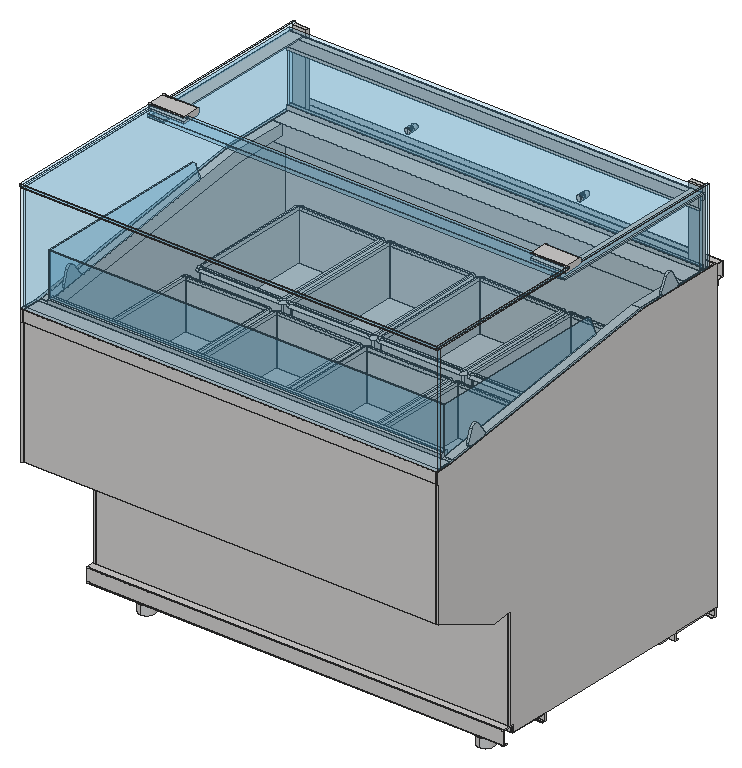
Revit family "Food-Service-Equipment_Oscartek_Rosa_Pg_cat", category Specialty Equipment, Revit 2026
Family settings
  Round Connector Dimension = Use Diameter
  Part Type = Normal
  Classification Number = 23.40.40.11
  Work Plane-Based = No
  Enable Cutting in Views = No
  Always vertical = Yes
  Cut with Voids When Loaded = No
  Maintain Annotation Orientation = No
  Shared = No
  Room Calculation Point = No
Parameters (values of type "ROSA PREMIUM GELATO SHOWCASES")
  Upper Spacing [instance] = if(Show 5 Liter Pans, 1/16", if(Show 8.5 Liter Pans, 1/16", 1/16"))  # 1/16"
  Upper Displacement [instance] = (Length - (Pan Upper Length * (Number of Pan on Top - 1)) - (Upper Spacing * (Number of Pan on Top - 1))) / 2  # 7 29/32"
  URL = "www.oscartek.com"
  Type Comments = "As Specified"
  Test Data = "http://www.oscartek.com/company/clients.php"
  Specification = "https://www.arcat.com/arcatcos/cos48/arc48760.html"
  Show 8.5 Liter Pans [instance] = no
  Show 5 Liter Pans [instance] = no
  Sales Information = "http://www.oscartek.com/company/contact.php"
  Revision = "R1_2018-10"
  Product Data = "http://www.oscartek.com/support/manuals/"
  Pan Upper Length [instance] = if(Show 5 Liter Pans, 6 1/2", if(Show 8.5 Liter Pans, 9 3/4", 9 3/4"))  # 9 3/4"
  Pan Upper Depth [instance] = if(Show 5 Liter Pans, 14", if(Show 8.5 Liter Pans, 14 1/8", 14 1/8"))  # 14 1/8"
  Pan Below Length [instance] = if(Show 5 Liter Pans, 6 1/2", if(Show 8.5 Liter Pans, 9 3/4", 9 3/4"))  # 9 3/4"
  Pan Below Depth [instance] = if(Show 5 Liter Pans, 14", if(Show 8.5 Liter Pans, 14 1/8", 14 1/8"))  # 14 1/8"
  Number of Pan on Top [instance] = Length / Pan Upper Length - 1  # 4
  Number of Pan Below [instance] = Length / Pan Below Length - 1  # 4
  Middle Support [instance] = Length = 84 5/8"  # no
  Manufacturer Website = "http://www.oscartek.com/index.php"
  Manufacturer Phone - Toll Free = "855-885-2400"
  Manufacturer Phone = "650-342-2400"
  Manufacturer Fax = "650-342-7400"
  Manufacturer Address = "361 Beach Rd., Burlingame, CA 94010"
  Length = 45 1/4"
  Weight in Pounds = 0
  Watts = FL Amps * Volts  # 0 W
  Volts = 208 V
  URL Cutsheet = "www.oscartek.com"
  Type Mark [instance] = ""
  Status [instance] = ""
  Specification by User [instance] = ""
  Specification by Manufacturer = ""
  Show Clearance [instance] = yes
  Serial Number = ""
  Seismic Rating = ""
  SMACNA No = ""
  Revision Code [instance] = ""
  Plumbing Remarks = ""
  Plumbing Connection Type = ""
  Phase = 1
  Omniclass Number and Title = ""
  Number of Poles [instance] = 1
  NAFEM Spec ID Number = ""
  Model = "ROSA PG1150"
  Min Ckt Ampacity = 0 A
  Max Overcurrent Protection = 0 A
  Material [instance] = QF_Metal-Stainless-Polished
  Masterspec = ""
  Manufacturer = "OSCARTEK"
  Item Number [instance] = ""
  Installed By [instance] = ""
  Installation-Fabrication = "http://www.oscartek.com/support/manuals/"
  Indirect Waste Size = 1"
  Indirect Waste Flow = 0 GPM
  Indirect Waste Connection Type = ""
  Indirect Waste Connection Height = 0"
  Identify Quantity as Lot [instance] = yes
  Hinged 3 [instance] = Length = 84 5/8"  # no
  Hinged 2 [instance] = Length = 64 15/16"  # no
  Hinged 1 [instance] = Length = 45 1/4"  # yes
  Height = 45 1/4"
  HP = ""
  Green Building-LEED = "https://www.arcat.com/green/green_building.shtml"
  Furnished By [instance] = ""
  Foodservice Equipment Identifier [instance] = yes
  FL Amps = 0 A
  Electrical Remarks [instance] = ""
  Electric Connection Type [instance] = ""
  Elec Conn RI Height [instance] = 0"
  Elec Conn Connection Height [instance] = 0"
  Drawn By = "Sumex Design, Inc. / Robert S. Weygant, CSI, CDT, SCIP"
  Description = "ROSA PREMIUM GELATO SHOWCASES"
  Depth = 38 11/16"
  Default Elevation = 0"
  Cycle = 60 Hz
  Copyright = "©Arcat Inc."
  Construction Details = "http://www.oscartek.com/support/manuals/"
  Conn Plug = ""
  Conn Conduit = yes
  Category = ""
  CSI MasterFormat = "11 41 33"
  CSI Master Format = "Foodservice Shelving"
  Building Codes = "https://www.arcat.com/arcatcos/cos48/arc48760.html"
  Below Spacing [instance] = if(Show 5 Liter Pans, 1/16", if(Show 8.5 Liter Pans, 1/16", 1/16"))  # 1/16"
  Below Displacement [instance] = (Length - (Pan Below Length * (Number of Pan Below - 1)) - (Below Spacing * (Number of Pan Below - 1))) / 2  # 7 29/32"
  Apparent Power = if(Phase = 3, Volts * FL Amps * 1.73, Volts * FL Amps)  # 0 VA
Reference planes (in)
  plane 1 "BACK": y = 0
  plane 2: z = 0
  plane 3 "LEFT": x = 0
  plane 4 "RIGHT": x = 45.25
  plane 5 "FRONT": y = -38.6875
  plane 6 "TOP": z = 45.25
  plane 7 "Center Y": x = 22.625
  plane 8 "Center X": y = -19.34375
  plane 9: x = 4.25
  plane 10: x = 41
  plane 11: x = 0.25
  plane 12: x = 45
  plane 13: x = 44.12589
  plane 14: z = 36.625
  plane 15: x = -36.05628
  plane 16: x = -36.05628
  plane 17: x = 10.78925
  plane 18: x = 34.46075
Forms (in)
  Extrusion 1, solid, material "QF_Metal-Stainless-Polished"
    sketch origin (39.25, -3.63813, 0) x (0, -1, 0) y (0, 0, 1)
      loop
        line (25.67702, 2.47374) -> (26.01139, 2.47374)
        arc (26.01139, 2.47374) -> (26.05701, 2.49263) -> (26.07591, 2.53825) r 0.06451
        line (26.07591, 2.53825) -> (26.07591, 3.94044)
        arc (26.07591, 3.94044) -> (26.05702, 3.98602) -> (26.01144, 4.00491) r 0.06446
        line (26.01144, 4.00491) -> (24.80072, 4.00491) -> (24.80072, 3.26107) -> (20.4294, 3.26107) -> (20.4294, 2.47374) -> (20.82709, 2.47374) -> (20.82709, 2.53297) -> (20.48744, 2.53297) -> (20.48744, 3.20183) -> (24.85995, 3.20183) -> (24.85995, 3.94567) -> (26.01667, 3.94567) -> (26.01667, 2.53297) -> (25.67702, 2.53297) -> (25.67702, 2.47374)
      loop
        line (-2.27521, 2.47374) -> (-2.27521, 2.53297) -> (-2.61486, 2.53297) -> (-2.61486, 3.20163) -> (2.77679, 3.20163) -> (2.77679, 2.53297) -> (2.43734, 2.53297) -> (2.43734, 2.47374) -> (2.83602, 2.47374) -> (2.83602, 3.26087) -> (-2.67409, 3.26087) -> (-2.67409, 2.53764)
        arc (-2.67409, 2.53764) -> (-2.65538, 2.49245) -> (-2.61019, 2.47374) r 0.06391
        line (-2.61019, 2.47374) -> (-2.27521, 2.47374)
    from -6 to 39.25
  Revolve 2, solid, material "QF_Metal-Stainless-Polished"
    sketch origin (4.25, -3.63813, -3.90782) x (0, 0, -1) y (0, 1, 0)
      loop
        line (-3.90782, -23.18044) -> (-7.10965, -23.18044) -> (-7.10965, -24.2889) -> (-5.02788, -24.2889) -> (-5.02788, -24.04921) -> (-3.90782, -24.04921) -> (-3.90782, -23.18044)
      axis (-7.10965, -23.18044) -> (-3.90782, -23.18044)
    angle from 0 to 360
  Revolve 3, solid, material "QF_Metal-Stainless-Polished"
    sketch origin (4.25, 0.0294, -3.90782) x (0, 0, -1) y (0, 1, 0)
      loop
        line (-3.90782, -3.75152) -> (-7.10945, -3.75152) -> (-7.10945, -4.85998) -> (-5.02788, -4.85998) -> (-5.02788, -4.62029) -> (-3.90782, -4.62029) -> (-3.90782, -3.75152)
      axis (-7.10945, -3.75152) -> (-3.90782, -3.75152)
    angle from 0 to 360
  Extrusion 4, solid, material "QF_Metal-Stainless-Polished"
    sketch origin (0, 0, 0) x (0, 1, 0) y (0, 0, 1)
      loop
        line (-28.78933, 4.01258) -> (-28.41937, 4.01258) -> (-28.41937, 3.26107) -> (-0.84617, 3.26107) -> (-0.84617, 19.15659) -> (-0.78713, 19.16489) -> (-0.78713, 36.64096) -> (-4.84864, 36.64096) -> (-4.84864, 34.55506) -> (-3.14852, 34.55506) -> (-3.14852, 21.21761) -> (-30.63217, 17.35504) -> (-36.6016, 19.88891) -> (-36.6016, 31.79489) -> (-36.47638, 31.79489) -> (-35.83392, 31.89114) -> (-35.83392, 32.6052) -> (-36.26684, 32.6052) -> (-36.26684, 33.05649) -> (-36.56244, 33.01495) -> (-38.64027, 33.01495) -> (-38.64027, 31.79489) -> (-38.56923, 31.79489) -> (-38.56923, 18.16074) -> (-30.9486, 14.92597) -> (-28.78933, 15.22943) -> (-28.78933, 4.01258)
    from 0.25 to 45
  Extrusion 5, solid, material "QF_Metal-Stainless-Polished"
    sketch origin (0, 0, 0) x (0, 1, 0) y (0, 0, 1)
      loop
        line (-28.78933, 4.01258) -> (-28.41937, 4.01258) -> (-28.41937, 3.26107) -> (-0.84617, 3.26107) -> (-0.84617, 19.15659) -> (-0.78713, 19.16489) -> (-0.78713, 36.64096) -> (-10.76146, 36.64096) -> (-36.56244, 33.01495) -> (-38.64027, 33.01495) -> (-38.64027, 31.79489) -> (-38.56923, 31.79489) -> (-38.56923, 18.16074) -> (-30.9486, 14.92597) -> (-28.78933, 15.22943) -> (-28.78933, 4.01258)
    from 0 to 0.25
  Extrusion 6, solid, material "QF_Metal-Stainless-Polished"
    sketch origin (45.25, 0, 0) x (0, -1, 0) y (0, 0, 1)
      loop
        line (28.78933, 4.01258) -> (28.78933, 15.22943) -> (30.9486, 14.92597) -> (38.56923, 18.16074) -> (38.56923, 31.79489) -> (38.64027, 31.79489) -> (38.64027, 33.01495) -> (36.56244, 33.01495) -> (10.76146, 36.64096) -> (0.78713, 36.64096) -> (0.78713, 19.16489) -> (0.84617, 19.15659) -> (0.84617, 3.26107) -> (28.41937, 3.26107) -> (28.41937, 4.01258) -> (28.78933, 4.01258)
    from 0 to 0.25
  Revolve 7, solid, material "QF_Metal-Stainless-Polished"
    sketch origin (41, -3.63813, -3.90782) x (0, 0, -1) y (0, 1, 0)
      loop
        line (-3.90782, -23.18044) -> (-7.10965, -23.18044) -> (-7.10965, -24.2889) -> (-5.02788, -24.2889) -> (-5.02788, -24.04921) -> (-3.90782, -24.04921) -> (-3.90782, -23.18044)
      axis (-7.10965, -23.18044) -> (-3.90782, -23.18044)
    angle from 0 to 360
  Revolve 8, solid, material "QF_Metal-Stainless-Polished"
    sketch origin (41, 0.0294, -3.90782) x (0, 0, -1) y (0, 1, 0)
      loop
        line (-3.90782, -3.75152) -> (-7.10945, -3.75152) -> (-7.10945, -4.85998) -> (-5.02788, -4.85998) -> (-5.02788, -4.62029) -> (-3.90782, -4.62029) -> (-3.90782, -3.75152)
      axis (-7.10945, -3.75152) -> (-3.90782, -3.75152)
    angle from 0 to 360
  Extrusion 9, solid, material "QF_Metal-Stainless-Polished"
    sketch origin (0, 0, 0) x (1, 0, 0) y (0, 1, 0)
      loop
        line (0.39348, -1.88939) -> (0.39348, -2.28295) -> (1.84935, -2.28295) -> (1.84935, -1.88939) -> (0.39348, -1.88939)
      loop
        line (43.40065, -2.28295) -> (44.85652, -2.28295) -> (44.85652, -1.88939) -> (43.40065, -1.88939) -> (43.40065, -2.28295)
    from 36.64096 to 44.77769
  Extrusion 10, solid, material "QF_Metal-Stainless-Polished"
    sketch origin (0, 0, 0) x (0, 1, 0) y (0, 0, 1)
      loop
        line (-0.67693, 34.7822) -> (-0.67693, 35.0667) -> (-0.03936, 35.0667)
        arc (-0.03936, 35.0667) -> (-0.01153, 35.07822) -> (0, 35.10605) r 0.03936
        line (0, 35.10605) -> (0, 36.6016)
        arc (0, 36.6016) -> (-0.01153, 36.62943) -> (-0.03936, 36.64096) r 0.03936
        line (-0.03936, 36.64096) -> (-0.78713, 36.64096) -> (-0.78713, 36.60947) -> (-0.03149, 36.60947) -> (-0.03149, 35.09818) -> (-0.66906, 35.09818)
        arc (-0.66906, 35.09818) -> (-0.69689, 35.08666) -> (-0.70842, 35.05883) r 0.03936
        line (-0.70842, 35.05883) -> (-0.70842, 34.78358) -> (-0.73244, 34.50898) -> (-0.70108, 34.50624) -> (-0.67693, 34.7822)
    from 0 to 45.25
  Extrusion 11, solid, material "Glass"
    sketch origin (0, 0, 0) x (0, 1, 0) y (0, 0, 1)
      loop
        line (-38.6875, 33.01495) -> (-38.29393, 33.01495) -> (-38.29393, 44.83869) -> (-38.6875, 44.83869) -> (-38.6875, 33.01495)
    from 0 to 45.25
  Revolve 12, solid, material "QF_Metal-Stainless-Polished"
    sketch origin (44.12589, 0, 0) x (0, -1, 0) y (0, 0, 1)
      loop
        line (1.88939, 43.78852) -> (1.88939, 44.10338) -> (1.791, 44.10338) -> (1.75164, 44.06402) -> (1.75164, 43.78852) -> (1.88939, 43.78852)
      axis (1.88939, 43.78852) -> (1.75164, 43.78852)
    angle from 0 to 360
  Revolve 13, solid, material "QF_Metal-Stainless-Polished"
    sketch origin (1.12411, 0, 0) x (0, -1, 0) y (0, 0, -1)
      loop
        line (1.88939, -43.78852) -> (1.75164, -43.78852) -> (1.75164, -44.06402) -> (1.791, -44.10338) -> (1.88939, -44.10338) -> (1.88939, -43.78852)
      axis (1.88939, -43.78852) -> (1.75164, -43.78852)
    angle from 0 to 360
  Extrusion 14, solid, material "Glass"
    sketch origin (0, 0, 0) x (0, 1, 0) y (0, 0, 1)
      loop
        line (-1.70371, 36.64096) -> (-1.70371, 44.83869) -> (-38.29393, 44.83869) -> (-38.29393, 33.01495) -> (-36.56244, 33.01495) -> (-10.76146, 36.64096) -> (-1.70371, 36.64096)
    from 0 to 0.25
  Extrusion 15, solid, material "Glass"
    sketch origin (45.25, 0, 0) x (0, 1, 0) y (0, 0, -1)
      loop
        line (-1.70371, -36.64096) -> (-10.76146, -36.64096) -> (-36.56244, -33.01495) -> (-38.29393, -33.01495) -> (-38.29393, -44.83869) -> (-1.70371, -44.83869) -> (-1.70371, -36.64096)
    from 0 to 0.25
  Extrusion 16, solid, material "QF_Metal-Stainless-Polished"
    sketch origin (45.25, 0, 0) x (0, -1, 0) y (0, 0, 1)
      loop
        line (21.27222, 44.72859) -> (21.27222, 44.92538) -> (20.68187, 44.92538) -> (20.68187, 45.25991) -> (21.27222, 45.25991) -> (21.27222, 45.31894)
        arc (21.27222, 45.31894) -> (21.24916, 45.3746) -> (21.1935, 45.39766) r 0.07872
        line (21.1935, 45.39766) -> (19.36343, 45.39766)
        arc (19.36343, 45.39766) -> (19.30777, 45.37461) -> (19.28471, 45.31895) r 0.07871
        line (19.28471, 45.31895) -> (19.28471, 44.92538) -> (19.48151, 44.72859) -> (21.27222, 44.72859)
    from 0 to 3.8125
  Extrusion 17, solid, material "QF_Metal-Stainless-Polished"
    sketch origin (0, 0, 0) x (0, 1, 0) y (0, 0, 1)
      loop
        line (-21.27222, 44.72859) -> (-19.48151, 44.72859) -> (-19.28471, 44.92538) -> (-19.28471, 45.31895)
        arc (-19.28471, 45.31895) -> (-19.30777, 45.37461) -> (-19.36343, 45.39766) r 0.07871
        line (-19.36343, 45.39766) -> (-21.1935, 45.39766)
        arc (-21.1935, 45.39766) -> (-21.24916, 45.3746) -> (-21.27222, 45.31894) r 0.07872
        line (-21.27222, 45.31894) -> (-21.27222, 45.25991) -> (-20.68187, 45.25991) -> (-20.68187, 44.92538) -> (-21.27222, 44.92538) -> (-21.27222, 44.72859)
    from 0 to 3.8125
  Extrusion 18, solid, material "Glass"
    sketch origin (0, 0, 0) x (0, 1, 0) y (0, 0, 1)
      loop
        line (-20.72123, 45.25991) -> (-38.76621, 45.25991) -> (-38.76621, 44.94505) -> (-20.72123, 44.94505) -> (-20.72123, 45.25991)
    from 0 to 45.25
  Extrusion 19, solid, material "Glass"
    sketch origin (0, 0, 0) x (0, 1, 0) y (0, 0, 1)
      loop
        line (-21.68547, 44.17565) -> (-2.4207, 44.17565) -> (-2.4207, 44.64793) -> (-21.68547, 44.64793) -> (-21.68547, 44.17565)
    from 0.25 to 45
  Extrusion 20, solid, material "QF_Metal-Stainless-Polished"
    sketch origin (0.25, 0, 0) x (0, 1, 0) y (0, 0, 1)
      loop
        line (-4.84864, 36.64096) -> (-10.76146, 36.64096) -> (-36.26684, 33.05649) -> (-36.26684, 32.6052) -> (-35.83392, 32.6052) -> (-35.83392, 31.88518) -> (-10.69066, 35.41884) -> (-4.84864, 35.41884) -> (-4.84864, 36.64096)
    from 0 to 1
  Extrusion 21, solid, material "QF_Metal-Stainless-Polished"
    sketch origin (45, 0, 0) x (0, -1, 0) y (0, 0, 1)
      loop
        line (35.83392, 31.88518) -> (35.83392, 32.6052) -> (36.26684, 32.6052) -> (36.26684, 33.05649) -> (10.76146, 36.64096) -> (4.84864, 36.64096) -> (4.84864, 35.41884) -> (10.69066, 35.41884) -> (35.83392, 31.88518)
    from 0 to 1
  Extrusion 22, solid, material "QF_Metal-Stainless-Polished"
    sketch origin (0, -0.84617, 3.34873) x (0, 0, 1) y (1, 0, 0)
      loop
        line (13.14858, 42.71757) -> (13.14858, 42.57942) -> (13.69028, 42.57942) -> (14.48537, 39.82827) -> (14.48537, 34.43212) -> (13.69028, 31.68097) -> (13.14858, 31.68097) -> (13.14858, 31.54282) -> (13.79371, 31.54282) -> (14.62309, 34.41262) -> (14.62309, 39.84777) -> (13.79371, 42.71757) -> (13.14858, 42.71757)
    from 0 to 0.25
  Extrusion 23, solid, material "Glass"
    sketch origin (0.25, 0, 0) x (0, 1, 0) y (0, 0, 1)
      loop
        line (-2.74381, 36.81611) -> (-2.42911, 36.81611) -> (-2.42911, 43.93862) -> (-2.74381, 43.93862) -> (-2.74381, 36.81611)
    from 0 to 44.75
  Extrusion 24, solid, material "QF_Metal-Stainless-Polished"
    sketch origin (0.25, 0, 0) x (0, 1, 0) y (0, 0, 1)
      loop
        line (-2.36027, 37.19966) -> (-2.41927, 37.19966) -> (-2.41927, 36.80628) -> (-2.75365, 36.80628) -> (-2.75365, 37.19966) -> (-2.81265, 37.19966) -> (-2.81265, 36.7415) -> (-2.36027, 36.7415) -> (-2.36027, 37.19966)
      loop
        line (-2.76348, 42.60087) -> (-2.76348, 43.94149) -> (-2.42911, 43.94149) -> (-2.42911, 43.4244) -> (-2.30025, 43.4244) -> (-2.30025, 44.03) -> (-2.96017, 44.03) -> (-2.96017, 42.9543) -> (-2.85986, 42.9543) -> (-2.85986, 42.60087) -> (-2.76348, 42.60087)
    from 0 to 44.75
  Extrusion 25, solid, material "QF_Metal-Stainless-Polished"
    sketch origin (44, 0, 0) x (0, -1, 0) y (0, 0, 1)
      loop
        line (36.54478, 33.01735) -> (36.59955, 33.40709) -> (36.30725, 33.44817) -> (36.30725, 33.13022) -> (36.11238, 33.15761) -> (36.11238, 33.47555) -> (35.82008, 33.51663) -> (35.76531, 33.1269) -> (36.54478, 33.01735)
    from 0 to 42.75
  Extrusion 26, solid, material "Glass"
    sketch origin (1.25, 0, 0) x (0, -1, 0) y (0, 0, 1)
      loop
        line (36.28853, 33.16973) -> (36.28853, 38.10636) -> (36.13111, 38.10636) -> (36.13111, 33.16973) -> (36.28853, 33.16973)
    from 0 to -42.75
  Extrusion 27, solid, material "Glass"
    sketch origin (44, 0, 0) x (0, 1, 0) y (0, 0, 1)
      loop
        line (-36.28853, 38.10636) -> (-36.28853, 33.05338) -> (-15.69844, 35.94713) -> (-16.29583, 37.58845)
        arc (-16.29583, 37.58845) -> (-16.58401, 37.96401) -> (-17.03549, 38.10636) r 0.78713
        line (-17.03549, 38.10636) -> (-36.28853, 38.10636)
    from 0 to 0.125
  Extrusion 28, solid, material "Glass"
    sketch origin (1.25, 0, 0) x (0, -1, 0) y (0, 0, 1)
      loop
        line (36.28853, 38.10636) -> (17.03549, 38.10636)
        arc (17.03549, 38.10636) -> (16.58401, 37.96401) -> (16.29583, 37.58845) r 0.78713
        line (16.29583, 37.58845) -> (15.69844, 35.94713) -> (36.28853, 33.05338) -> (36.28853, 38.10636)
    from 0 to 0.125
  Extrusion 29, solid, material "QF_Metal-Stainless-Polished"
    sketch origin (45, 0, 0) x (0, 1, 0) y (0, 0, -1)
      loop
        arc (-32.00108, -33.95315) -> (-31.98182, -33.76182) -> (-32.13489, -33.64542) r 0.19678
        line (-32.13489, -33.64542) -> (-33.85944, -33.40305)
        arc (-33.85944, -33.40305) -> (-34.03867, -33.47275) -> (-34.07289, -33.66198) r 0.19678
        line (-34.07289, -33.66198) -> (-33.62448, -34.96424)
        arc (-33.62448, -34.96424) -> (-33.24367, -35.27817) -> (-32.79107, -35.08137) r 0.47228
        line (-32.79107, -35.08137) -> (-32.00108, -33.95315)
      loop
        arc (-7.26876, -38.15426) -> (-6.84796, -38.41213) -> (-6.42716, -38.15426) r 0.47228
        line (-6.42716, -38.15426) -> (-5.80188, -36.92708)
        arc (-5.80188, -36.92708) -> (-5.80942, -36.73492) -> (-5.97721, -36.64096) r 0.19678
        line (-5.97721, -36.64096) -> (-7.72142, -36.64096)
        arc (-7.72142, -36.64096) -> (-7.88779, -36.73413) -> (-7.89528, -36.92466) r 0.19512
        line (-7.89528, -36.92466) -> (-7.26876, -38.15426)
    from 0 to 0.25
  Extrusion 30, solid, material "QF_Metal-Stainless-Polished"
    sketch origin (1.125, 0, 0) x (0, -1, 0) y (0, 0, 1)
      loop
        arc (32.00108, 33.95315) -> (31.98182, 33.76182) -> (32.13489, 33.64542) r 0.19678
        line (32.13489, 33.64542) -> (33.85944, 33.40305)
        arc (33.85944, 33.40305) -> (34.03867, 33.47275) -> (34.07289, 33.66198) r 0.19678
        line (34.07289, 33.66198) -> (33.62448, 34.96424)
        arc (33.62448, 34.96424) -> (33.24367, 35.27817) -> (32.79107, 35.08137) r 0.47228
        line (32.79107, 35.08137) -> (32.00108, 33.95315)
    from 0 to 0.25
  Extrusion 31, solid, material "QF_Metal-Stainless-Polished"
    sketch origin (0.25, -2.82942, 44.03) x (0, 1, 0) y (-1, 0, 0)
      loop
        line (0.58716, -1.31641) -> (0.58716, 0.12109) -> (-18.44281, 0.12109) -> (-18.44281, -1.31641) -> (0.58716, -1.31641)
      loop
        line (0.58716, -43.43359) -> (-18.44281, -43.43359) -> (-18.44281, -44.87109) -> (0.58716, -44.87109) -> (0.58716, -43.43359)
    from 0 to 0.125
  Extrusion 32, solid, material "QF_Door-Drawer Clearances", visible <- "Show Clearance", detail levels coarse
    sketch origin (45.25, 0, 0) x (0, 1, 0) y (0, 0, 1)
      loop
        line (-38.76621, 45.25) -> (-20.30404, 45.25) -> (-20.30404, 63.30007)
        arc (-20.30404, 63.30007) -> (-33.33614, 58.16283) -> (-38.76621, 45.25) r 18.04498
    from 0 to -45.25
  Extrusion 33, solid, material "QF_Door-Drawer Clearances", visible <- "Show Clearance", detail levels coarse
    sketch origin (45, 0, 0) x (0, 1, 0) y (0, 0, 1)
      loop
        line (-2.85362, 36.76481) -> (-2.85362, 43.96116) -> (-10.04997, 43.96116)
        arc (-10.04997, 43.96116) -> (-7.94221, 38.87257) -> (-2.85362, 36.76481) r 7.19635
    from 0 to -44.75
  Extrusion 34, solid, material "QF_Metal-Stainless-Polished"
    sketch origin (0, 0, 0) x (1, 0, 0) y (0, 1, 0)
      loop
        circle (39.75, -29.9375) r 0.5
      loop
        circle (5.5, -29.9375) r 0.5
    from 14.50751 to 16.49731
  Extrusion 35, solid, material "QF_Metal-Stainless-Polished", visible <- "Middle Support"
    sketch origin (0.25, -2.82942, 44.155) x (0, 1, 0) y (-1, 0, 0)
      loop
        line (0.40872, -43.90625) -> (0.40872, -40.21875) -> (-18.44281, -40.21875) -> (-18.44281, -43.90625) -> (0.40872, -43.90625)
    from 0 to -0.125
  Extrusion 36, solid, material "QF_Metal-Stainless-Polished", visible <- "Middle Support"
    sketch origin (22.625, 0, 0) x (0, 1, 0) y (0, 0, 1)
      loop
        line (-21.27222, 44.72859) -> (-19.48151, 44.72859) -> (-19.28471, 44.92538) -> (-19.28471, 45.31895)
        arc (-19.28471, 45.31895) -> (-19.30777, 45.37461) -> (-19.36343, 45.39766) r 0.07871
        line (-19.36343, 45.39766) -> (-21.1935, 45.39766)
        arc (-21.1935, 45.39766) -> (-21.24916, 45.3746) -> (-21.27222, 45.31894) r 0.07872
        line (-21.27222, 45.31894) -> (-21.27222, 45.25991) -> (-20.68187, 45.25991) -> (-20.68187, 44.92538) -> (-21.27222, 44.92538) -> (-21.27222, 44.72859)
    from -1.84375 to 1.84375
  Extrusion 37, solid, material "QF_Metal-Stainless-Polished", visible <- "Middle Support"
    sketch origin (84.375, -2.4207, 44.155) x (-1, 0, 0) y (0, 0, 1)
      loop
        line (40.21875, -0.125) -> (40.21875, -7.51404) -> (43.90625, -7.51404) -> (43.90625, -0.125) -> (40.21875, -0.125)
    from 0 to 0.53131
  Extrusion 38, solid, material "QF_Metal-Stainless-Polished", visible <- "Middle Support", not visible
    sketch origin (0.25, -2.82942, 44.155) x (0, 1, 0) y (-1, 0, 0)
      loop
        line (0.40872, -43.90625) -> (0.40872, -40.21875) -> (-18.44281, -40.21875) -> (-18.44281, -43.90625) -> (0.40872, -43.90625)
    from 0 to -0.125
  Extrusion 39, solid, material "QF_Metal-Stainless-Polished", visible <- "Middle Support", not visible
    sketch origin (22.625, 0, 0) x (0, 1, 0) y (0, 0, 1)
      loop
        line (-21.27222, 44.72859) -> (-19.48151, 44.72859) -> (-19.28471, 44.92538) -> (-19.28471, 45.31895)
        arc (-19.28471, 45.31895) -> (-19.30777, 45.37461) -> (-19.36343, 45.39766) r 0.07871
        line (-19.36343, 45.39766) -> (-21.1935, 45.39766)
        arc (-21.1935, 45.39766) -> (-21.24916, 45.3746) -> (-21.27222, 45.31894) r 0.07872
        line (-21.27222, 45.31894) -> (-21.27222, 45.25991) -> (-20.68187, 45.25991) -> (-20.68187, 44.92538) -> (-21.27222, 44.92538) -> (-21.27222, 44.72859)
    from -1.84375 to 1.84375
  Extrusion 40, solid, material "QF_Metal-Stainless-Polished", visible <- "Middle Support", not visible
    sketch origin (84.375, -2.4207, 44.155) x (-1, 0, 0) y (0, 0, 1)
      loop
        line (40.21875, -0.125) -> (40.21875, -7.51404) -> (43.90625, -7.51404) -> (43.90625, -0.125) -> (40.21875, -0.125)
    from 0 to 0.53131
  Revolve 41, solid, material "QF_Metal-Stainless-Polished", visible <- "Hinged 1"
    sketch origin (13.3125, -180, -6.13088) x (0, 0, -1) y (0, -1, 0)
      loop
        line (-45.38606, -177.57089) -> (-45.38606, -178.35765)
        arc (-45.38606, -178.35765) -> (-45.11334, -178.12036) -> (-45.31064, -177.81745) r 0.27536
        line (-45.31064, -177.81745) -> (-45.22771, -177.64342) -> (-45.11069, -177.64342) -> (-45.11069, -177.57089) -> (-45.38606, -177.57089)
      loop
        line (-45.09102, -177.25619) -> (-45.09102, -177.19718) -> (-45.38606, -177.19718) -> (-45.38606, -177.25619) -> (-45.09102, -177.25619)
      axis (-45.38606, -178.35765) -> (-45.38606, -177.19718)
    angle from 0 to 360
  Revolve 42, solid, material "QF_Metal-Stainless-Polished", visible <- "Hinged 1"
    sketch origin (31.9375, -180, -6.13088) x (0, 0, -1) y (0, 1, 0)
      loop
        line (-45.38606, 177.57089) -> (-45.11069, 177.57089) -> (-45.11069, 177.64342) -> (-45.22771, 177.64342) -> (-45.31064, 177.81745)
        arc (-45.31064, 177.81745) -> (-45.11334, 178.12036) -> (-45.38606, 178.35765) r 0.27536
        line (-45.38606, 178.35765) -> (-45.38606, 177.57089)
      loop
        line (-45.09102, 177.25619) -> (-45.38606, 177.25619) -> (-45.38606, 177.19718) -> (-45.09102, 177.19718) -> (-45.09102, 177.25619)
      axis (-45.38606, 178.35765) -> (-45.38606, 177.19718)
    angle from 0 to 360
  Revolve 43, solid, material "QF_Metal-Stainless-Polished", visible <- "Hinged 3"
    sketch origin (10.25, -180, 41.50838) x (0, 0, 1) y (0, -1, 0)
      loop
        line (-2.2532, -177.57089) -> (-2.52856, -177.57089) -> (-2.52856, -177.64342) -> (-2.41155, -177.64342) -> (-2.32862, -177.81745)
        arc (-2.32862, -177.81745) -> (-2.52592, -178.12036) -> (-2.2532, -178.35765) r 0.27536
        line (-2.2532, -178.35765) -> (-2.2532, -177.57089)
      loop
        line (-2.54823, -177.25619) -> (-2.2532, -177.25619) -> (-2.2532, -177.19718) -> (-2.54823, -177.19718) -> (-2.54823, -177.25619)
      axis (-2.2532, -178.35765) -> (-2.2532, -177.19718)
    angle from 0 to 360
  Revolve 44, solid, material "QF_Metal-Stainless-Polished", visible <- "Hinged 3"
    sketch origin (32.0625, -180, 41.50838) x (0, 0, 1) y (0, -1, 0)
      loop
        line (-2.2532, -177.57089) -> (-2.52856, -177.57089) -> (-2.52856, -177.64342) -> (-2.41155, -177.64342) -> (-2.32862, -177.81745)
        arc (-2.32862, -177.81745) -> (-2.52592, -178.12036) -> (-2.2532, -178.35765) r 0.27536
        line (-2.2532, -178.35765) -> (-2.2532, -177.57089)
      loop
        line (-2.54823, -177.25619) -> (-2.2532, -177.25619) -> (-2.2532, -177.19718) -> (-2.54823, -177.19718) -> (-2.54823, -177.25619)
      axis (-2.2532, -178.35765) -> (-2.2532, -177.19718)
    angle from 0 to 360
  Revolve 45, solid, material "QF_Metal-Stainless-Polished", visible <- "Hinged 3"
    sketch origin (74.375, -180, 41.50838) x (0, 0, 1) y (0, 1, 0)
      loop
        line (-2.2532, 177.57089) -> (-2.2532, 178.35765)
        arc (-2.2532, 178.35765) -> (-2.52592, 178.12036) -> (-2.32862, 177.81745) r 0.27536
        line (-2.32862, 177.81745) -> (-2.41155, 177.64342) -> (-2.52856, 177.64342) -> (-2.52856, 177.57089) -> (-2.2532, 177.57089)
      loop
        line (-2.54823, 177.25619) -> (-2.54823, 177.19718) -> (-2.2532, 177.19718) -> (-2.2532, 177.25619) -> (-2.54823, 177.25619)
      axis (-2.2532, 178.35765) -> (-2.2532, 177.19718)
    angle from 0 to 360
  Revolve 46, solid, material "QF_Metal-Stainless-Polished", visible <- "Hinged 3"
    sketch origin (52.5625, -180, 41.50838) x (0, 0, 1) y (0, 1, 0)
      loop
        line (-2.2532, 177.57089) -> (-2.2532, 178.35765)
        arc (-2.2532, 178.35765) -> (-2.52592, 178.12036) -> (-2.32862, 177.81745) r 0.27536
        line (-2.32862, 177.81745) -> (-2.41155, 177.64342) -> (-2.52856, 177.64342) -> (-2.52856, 177.57089) -> (-2.2532, 177.57089)
      loop
        line (-2.54823, 177.25619) -> (-2.54823, 177.19718) -> (-2.2532, 177.19718) -> (-2.2532, 177.25619) -> (-2.54823, 177.25619)
      axis (-2.2532, 178.35765) -> (-2.2532, 177.19718)
    angle from 0 to 360
  Revolve 47, solid, material "QF_Metal-Stainless-Polished", visible <- "Hinged 2"
    sketch origin (11.5, -180, 41.50838) x (0, 0, 1) y (0, -1, 0)
      loop
        line (-2.2532, -177.57089) -> (-2.52856, -177.57089) -> (-2.52856, -177.64342) -> (-2.41155, -177.64342) -> (-2.32862, -177.81745)
        arc (-2.32862, -177.81745) -> (-2.52592, -178.12036) -> (-2.2532, -178.35765) r 0.27536
        line (-2.2532, -178.35765) -> (-2.2532, -177.57089)
      loop
        line (-2.54823, -177.25619) -> (-2.2532, -177.25619) -> (-2.2532, -177.19718) -> (-2.54823, -177.19718) -> (-2.54823, -177.25619)
      axis (-2.2532, -178.35765) -> (-2.2532, -177.19718)
    angle from 0 to 360
  Revolve 48, solid, material "QF_Metal-Stainless-Polished", visible <- "Hinged 2"
    sketch origin (32.46875, -180, 41.50838) x (0, 0, 1) y (0, -1, 0)
      loop
        line (-2.2532, -177.57089) -> (-2.52856, -177.57089) -> (-2.52856, -177.64342) -> (-2.41155, -177.64342) -> (-2.32862, -177.81745)
        arc (-2.32862, -177.81745) -> (-2.52592, -178.12036) -> (-2.2532, -178.35765) r 0.27536
        line (-2.2532, -178.35765) -> (-2.2532, -177.57089)
      loop
        line (-2.54823, -177.25619) -> (-2.2532, -177.25619) -> (-2.2532, -177.19718) -> (-2.54823, -177.19718) -> (-2.54823, -177.25619)
      axis (-2.2532, -178.35765) -> (-2.2532, -177.19718)
    angle from 0 to 360
  Revolve 49, solid, material "QF_Metal-Stainless-Polished", visible <- "Hinged 2"
    sketch origin (53.4375, -180, 41.50838) x (0, 0, 1) y (0, 1, 0)
      loop
        line (-2.2532, 177.57089) -> (-2.2532, 178.35765)
        arc (-2.2532, 178.35765) -> (-2.52592, 178.12036) -> (-2.32862, 177.81745) r 0.27536
        line (-2.32862, 177.81745) -> (-2.41155, 177.64342) -> (-2.52856, 177.64342) -> (-2.52856, 177.57089) -> (-2.2532, 177.57089)
      loop
        line (-2.54823, 177.25619) -> (-2.54823, 177.19718) -> (-2.2532, 177.19718) -> (-2.2532, 177.25619) -> (-2.54823, 177.25619)
      axis (-2.2532, 178.35765) -> (-2.2532, 177.19718)
    angle from 0 to 360
  Revolve 50, solid, material "QF_Metal-Stainless-Polished", visible <- "Hinged 3", not visible
    sketch origin (10.25, -180, -22.49162) x (0, 0, 1) y (0, -1, 0)
      loop
        line (-2.2532, -177.57089) -> (-2.52856, -177.57089) -> (-2.52856, -177.64342) -> (-2.41155, -177.64342) -> (-2.32862, -177.81745)
        arc (-2.32862, -177.81745) -> (-2.52592, -178.12036) -> (-2.2532, -178.35765) r 0.27536
        line (-2.2532, -178.35765) -> (-2.2532, -177.57089)
      loop
        line (-2.54823, -177.25619) -> (-2.2532, -177.25619) -> (-2.2532, -177.19718) -> (-2.54823, -177.19718) -> (-2.54823, -177.25619)
      axis (-2.2532, -178.35765) -> (-2.2532, -177.19718)
    angle from 0 to 360
  Revolve 51, solid, material "QF_Metal-Stainless-Polished", visible <- "Hinged 3", not visible
    sketch origin (32.0625, -180, -22.49162) x (0, 0, 1) y (0, -1, 0)
      loop
        line (-2.2532, -177.57089) -> (-2.52856, -177.57089) -> (-2.52856, -177.64342) -> (-2.41155, -177.64342) -> (-2.32862, -177.81745)
        arc (-2.32862, -177.81745) -> (-2.52592, -178.12036) -> (-2.2532, -178.35765) r 0.27536
        line (-2.2532, -178.35765) -> (-2.2532, -177.57089)
      loop
        line (-2.54823, -177.25619) -> (-2.2532, -177.25619) -> (-2.2532, -177.19718) -> (-2.54823, -177.19718) -> (-2.54823, -177.25619)
      axis (-2.2532, -178.35765) -> (-2.2532, -177.19718)
    angle from 0 to 360
  Revolve 52, solid, material "QF_Metal-Stainless-Polished", visible <- "Hinged 3", not visible
    sketch origin (74.375, -180, -22.49162) x (0, 0, 1) y (0, 1, 0)
      loop
        line (-2.2532, 177.57089) -> (-2.2532, 178.35765)
        arc (-2.2532, 178.35765) -> (-2.52592, 178.12036) -> (-2.32862, 177.81745) r 0.27536
        line (-2.32862, 177.81745) -> (-2.41155, 177.64342) -> (-2.52856, 177.64342) -> (-2.52856, 177.57089) -> (-2.2532, 177.57089)
      loop
        line (-2.54823, 177.25619) -> (-2.54823, 177.19718) -> (-2.2532, 177.19718) -> (-2.2532, 177.25619) -> (-2.54823, 177.25619)
      axis (-2.2532, 178.35765) -> (-2.2532, 177.19718)
    angle from 0 to 360
  Revolve 53, solid, material "QF_Metal-Stainless-Polished", visible <- "Hinged 3", not visible
    sketch origin (52.5625, -180, -22.49162) x (0, 0, 1) y (0, 1, 0)
      loop
        line (-2.2532, 177.57089) -> (-2.2532, 178.35765)
        arc (-2.2532, 178.35765) -> (-2.52592, 178.12036) -> (-2.32862, 177.81745) r 0.27536
        line (-2.32862, 177.81745) -> (-2.41155, 177.64342) -> (-2.52856, 177.64342) -> (-2.52856, 177.57089) -> (-2.2532, 177.57089)
      loop
        line (-2.54823, 177.25619) -> (-2.54823, 177.19718) -> (-2.2532, 177.19718) -> (-2.2532, 177.25619) -> (-2.54823, 177.25619)
      axis (-2.2532, 178.35765) -> (-2.2532, 177.19718)
    angle from 0 to 360
  Revolve 54, solid, material "QF_Metal-Stainless-Polished", visible <- "Hinged 2", not visible
    sketch origin (11.5, -180, -53.74162) x (0, 0, 1) y (0, -1, 0)
      loop
        line (-2.2532, -177.57089) -> (-2.52856, -177.57089) -> (-2.52856, -177.64342) -> (-2.41155, -177.64342) -> (-2.32862, -177.81745)
        arc (-2.32862, -177.81745) -> (-2.52592, -178.12036) -> (-2.2532, -178.35765) r 0.27536
        line (-2.2532, -178.35765) -> (-2.2532, -177.57089)
      loop
        line (-2.54823, -177.25619) -> (-2.2532, -177.25619) -> (-2.2532, -177.19718) -> (-2.54823, -177.19718) -> (-2.54823, -177.25619)
      axis (-2.2532, -178.35765) -> (-2.2532, -177.19718)
    angle from 0 to 360
  Revolve 55, solid, material "QF_Metal-Stainless-Polished", visible <- "Hinged 2", not visible
    sketch origin (32.46875, -180, -53.74162) x (0, 0, 1) y (0, -1, 0)
      loop
        line (-2.2532, -177.57089) -> (-2.52856, -177.57089) -> (-2.52856, -177.64342) -> (-2.41155, -177.64342) -> (-2.32862, -177.81745)
        arc (-2.32862, -177.81745) -> (-2.52592, -178.12036) -> (-2.2532, -178.35765) r 0.27536
        line (-2.2532, -178.35765) -> (-2.2532, -177.57089)
      loop
        line (-2.54823, -177.25619) -> (-2.2532, -177.25619) -> (-2.2532, -177.19718) -> (-2.54823, -177.19718) -> (-2.54823, -177.25619)
      axis (-2.2532, -178.35765) -> (-2.2532, -177.19718)
    angle from 0 to 360
  Revolve 56, solid, material "QF_Metal-Stainless-Polished", visible <- "Hinged 2", not visible
    sketch origin (53.4375, -180, -53.74162) x (0, 0, 1) y (0, 1, 0)
      loop
        line (-2.2532, 177.57089) -> (-2.2532, 178.35765)
        arc (-2.2532, 178.35765) -> (-2.52592, 178.12036) -> (-2.32862, 177.81745) r 0.27536
        line (-2.32862, 177.81745) -> (-2.41155, 177.64342) -> (-2.52856, 177.64342) -> (-2.52856, 177.57089) -> (-2.2532, 177.57089)
      loop
        line (-2.54823, 177.25619) -> (-2.54823, 177.19718) -> (-2.2532, 177.19718) -> (-2.2532, 177.25619) -> (-2.54823, 177.25619)
      axis (-2.2532, 178.35765) -> (-2.2532, 177.19718)
    angle from 0 to 360
  Revolve 57, solid, material "QF_Metal-Stainless-Polished", visible <- "Hinged 1", not visible
    sketch origin (13.3125, -180, -6.13088) x (0, 0, -1) y (0, -1, 0)
      loop
        line (-45.38606, -177.57089) -> (-45.38606, -178.35765)
        arc (-45.38606, -178.35765) -> (-45.11334, -178.12036) -> (-45.31064, -177.81745) r 0.27536
        line (-45.31064, -177.81745) -> (-45.22771, -177.64342) -> (-45.11069, -177.64342) -> (-45.11069, -177.57089) -> (-45.38606, -177.57089)
      loop
        line (-45.09102, -177.25619) -> (-45.09102, -177.19718) -> (-45.38606, -177.19718) -> (-45.38606, -177.25619) -> (-45.09102, -177.25619)
      axis (-45.38606, -178.35765) -> (-45.38606, -177.19718)
    angle from 0 to 360
  Revolve 58, solid, material "QF_Metal-Stainless-Polished", visible <- "Hinged 1", not visible
    sketch origin (31.9375, -180, -6.13088) x (0, 0, -1) y (0, 1, 0)
      loop
        line (-45.38606, 177.57089) -> (-45.11069, 177.57089) -> (-45.11069, 177.64342) -> (-45.22771, 177.64342) -> (-45.31064, 177.81745)
        arc (-45.31064, 177.81745) -> (-45.11334, 178.12036) -> (-45.38606, 178.35765) r 0.27536
        line (-45.38606, 178.35765) -> (-45.38606, 177.57089)
      loop
        line (-45.09102, 177.25619) -> (-45.38606, 177.25619) -> (-45.38606, 177.19718) -> (-45.09102, 177.19718) -> (-45.09102, 177.25619)
      axis (-45.38606, 178.35765) -> (-45.38606, 177.19718)
    angle from 0 to 360
Lines and regions (in)
  Split face 1
    outline origin (0, -0.84617, 3.34873) x (0, 0, 1) y (1, 0, 0)
      loop
        line (11.26235, 32.1273) -> (0.65518, 32.1273) -> (0.65518, 9.97448) -> (11.26235, 9.97448) -> (11.26235, 32.1273)
  Split face 2
    outline origin (0, -0.84617, 3.34873) x (0, 0, 1) y (1, 0, 0)
      loop
        line (13.27545, 34.84015) -> (14.18464, 34.84015) -> (14.18464, 39.42024) -> (13.27545, 39.42024) -> (13.27545, 34.84015)
  symbolic lines, style "QF_Surface Details", not visible
    curve 1: line (12.10452, -59.1388, 0) -> (9.9832, -61.26012, 0)
    curve 2: line (13.59774, -58.95719, 0) -> (9.8293, -62.72563, 0)
    curve 3: line (14.76142, -59.06021, 0) -> (11.40266, -62.41897, 0)
  symbolic lines
    curve 4: line (0, 0, 0) -> (45.25, 0, 0)
    curve 5: line (0, -38.6875, 0) -> (0, 0, 0)
    curve 6: line (45.25, -38.6875, 0) -> (0, -38.6875, 0)
    curve 7: line (45.25, 0, 0) -> (45.25, -38.6875, 0)
    curve 8: line (0, -0.78713, 0) -> (45.25, -0.78713, 0)
    curve 9: line (45.25, -2.42911, 0) -> (0, -2.42911, 0)
    curve 10: line (0, -36.56244, 0) -> (45.25, -36.56244, 0)
    curve 11: line (1.56641, -2.42911, 0) -> (1.56641, -19.28471, 0)
    curve 12: line (3.8125, -19.28471, 0) -> (0, -19.28471, 0)
    curve 13: line (3.8125, -19.28471, 0) -> (3.8125, -21.27222, 0)
    curve 14: line (3.8125, -21.27222, 0) -> (0, -21.27222, 0)
    curve 15: line (41.4375, -21.27222, 0) -> (41.4375, -19.28471, 0)
    curve 16: line (41.4375, -19.28471, 0) -> (45.25, -19.28471, 0)
    curve 17: line (41.4375, -21.27222, 0) -> (45.25, -21.27222, 0)
    curve 18: line (43.68359, -19.28471, 0) -> (43.68359, -2.4207, 0)
    curve 19: line (41.4375, -20.27847, 0) -> (3.8125, -20.27847, 0)
  symbolic lines, visible <- "Middle Support"
    curve 20: line (44.15625, -21.27222, 0) -> (40.46875, -21.27222, 0)
    curve 21: line (40.46875, -21.27222, 0) -> (40.46875, -1.88939, 0)
    curve 22: line (40.46875, -1.88939, 0) -> (44.15625, -1.88939, 0)
    curve 23: line (44.15625, -1.88939, 0) -> (44.15625, -21.27222, 0)
    curve 24: line (40.46875, -19.28471, 0) -> (44.15625, -19.28471, 0)
  symbolic lines, visible <- "Middle Support", not visible
    curve 25: line (44.15625, -21.27222, 0) -> (40.46875, -21.27222, 0)
    curve 26: line (40.46875, -21.27222, 0) -> (40.46875, -1.88939, 0)
    curve 27: line (40.46875, -1.88939, 0) -> (44.15625, -1.88939, 0)
    curve 28: line (44.15625, -1.88939, 0) -> (44.15625, -21.27222, 0)
    curve 29: line (40.46875, -19.28471, 0) -> (44.15625, -19.28471, 0)
  symbolic lines, style "QF_Surface Details"
    curve 30: line (7.60727, -11.15069, 0) -> (9.37504, -9.38292, 0)
    curve 31: line (7.70714, -12.46504, 0) -> (10.71234, -9.45983, 0)
    curve 32: line (9.02149, -12.5649, 0) -> (10.78925, -10.79714, 0)
    curve 33: line (7.60727, -26.65069, 0) -> (9.37504, -24.88292, 0)
    curve 34: line (7.70714, -27.96504, 0) -> (10.71234, -24.95983, 0)
    curve 35: line (9.02149, -28.0649, 0) -> (10.78925, -26.29714, 0)
    curve 36: line (31.27877, -11.15069, 0) -> (33.04653, -9.38292, 0)
    curve 37: line (31.37863, -12.46504, 0) -> (34.38383, -9.45983, 0)
    curve 38: line (32.69298, -12.5649, 0) -> (34.46075, -10.79714, 0)
    curve 39: line (31.27877, -26.65069, 0) -> (33.04653, -24.88292, 0)
    curve 40: line (31.37863, -27.96504, 0) -> (34.38383, -24.95983, 0)
    curve 41: line (32.69298, -28.0649, 0) -> (34.46075, -26.29714, 0)
    curve 42: line (19.44302, -11.15069, 0) -> (21.21079, -9.38292, 0)
    curve 43: line (19.54289, -12.46504, 0) -> (22.54809, -9.45983, 0)
    curve 44: line (20.85723, -12.5649, 0) -> (22.625, -10.79714, 0)
    curve 45: line (19.44302, -26.65069, 0) -> (21.21079, -24.88292, 0)
    curve 46: line (19.54289, -27.96504, 0) -> (22.54809, -24.95983, 0)
    curve 47: line (20.85723, -28.0649, 0) -> (22.625, -26.29714, 0)
Dimensions and locks (in)
  equal spacing: plane 3 "LEFT", plane 7 "Center Y", plane 4 "RIGHT"
  "Length": plane 3 "LEFT" to plane 4 "RIGHT"
  equal spacing: plane 5 "FRONT", plane 8 "Center X", plane 1 "BACK"
  "Height": plane 6 "TOP" to level
  "Depth": plane 5 "FRONT" to plane 1 "BACK"
  plane 6 "TOP" to level = 45 1/4"
  locked: plane 3 "LEFT" to plane 9 at 4.25
  locked: plane 4 "RIGHT" to plane 10 at 4.25
  locked: plane 3 "LEFT" to plane 11 at 0.25
  locked: plane 12 to plane 4 "RIGHT" at 0.25
  locked: Revolve 12 to plane 4 "RIGHT" at 1.12411
  locked: Revolve 13 to plane 3 "LEFT" at 1.12411
  plane 2 to plane 14 = 36 5/8"
  plane 2 to Extrusion 11 = 33.01495"
  Extrusion 1 to plane 2 = 4.00491"
  Extrusion 15 to plane 6 "TOP" = 12.23505"
  plane 5 "FRONT" to plane 1 "BACK" = 38 11/16"
  Extrusion 18 to Extrusion 15 = 37 1/16"
  Extrusion 1 to Extrusion 1 = 28 3/4"
  Extrusion 9 sketch curve to Extrusion 9 sketch curve to plane 4 "RIGHT" = 1.45587" locked, 0.39348" locked
  Split face 1 sketch curve to Split face 1 sketch curve to plane 4 "RIGHT" = 22.15283" locked, 13.1227" locked
  locked: Extrusion 31 sketch curve to Extrusion 31 sketch curve at 1.4375
  plane 4 "RIGHT" to Extrusion 31 sketch curve to Extrusion 31 sketch curve = 33/256" locked, 1 7/16" locked
  locked: Extrusion 34 sketch curve to plane 4 "RIGHT" at 5.5
  "Upper Displacement": plane 3 "LEFT" to nested 1
  equal spacing: group 12, group 13, group 16, group 17  (x3)
  "Below Displacement": plane 3 "LEFT" to nested 3
  equal spacing: group 14, group 15, group 18, group 19  (x3)
  "Upper Spacing": nested 1 to nested 4
  "Below Spacing": nested 3 to nested 5
  locked: nested 3 to nested 1 at 1.25
  equal spacing: group 20, group 22, group 21  (x3)
  locked: plane 18 to plane 4 "RIGHT" at 10.78925
  aligned and locked: level to plane 2
  aligned and locked: Extrusion 1 to plane 4 "RIGHT"
  aligned and locked: Extrusion 5 to plane 11
  aligned and locked: Extrusion 6 to plane 12
  aligned and locked: Extrusion 6 to plane 4 "RIGHT"
  aligned and locked: plane 12 to Extrusion 4
  aligned and locked: plane 11 to Extrusion 4
  aligned and locked: plane 10 to Revolve 7
  aligned and locked: plane 10 to Revolve 8
  aligned and locked: Extrusion 10 to plane 4 "RIGHT"
  aligned and locked: Extrusion 11 to plane 4 "RIGHT"
  aligned and locked: Extrusion 14 to plane 11
  aligned and locked: Extrusion 15 to plane 4 "RIGHT"
  aligned and locked: Extrusion 15 to plane 12
  aligned and locked: Extrusion 18 to plane 3 "LEFT"
  aligned and locked: Extrusion 18 to plane 4 "RIGHT"
  aligned and locked: plane 11 to Extrusion 19
  aligned and locked: plane 12 to Extrusion 19
  aligned and locked: Extrusion 23 to Extrusion 15
  aligned and locked: Extrusion 24 to Extrusion 15
  aligned and locked: Extrusion 25 to Extrusion 20
  aligned and locked: Extrusion 25 to Extrusion 26
  aligned and locked: nested 2 to plane 16
  aligned and locked: Extrusion 32 to Extrusion 18
  aligned and locked: Extrusion 33 to Extrusion 24
  aligned and locked: curve 38 to plane 18
  aligned and locked: curve 41 to plane 18
Automatic sketch dimensions
  plane 1 "BACK" to Extrusion 1 sketch curve = 0.96404"
  Extrusion 1 sketch curve to Extrusion 1 sketch curve = 0.05923"  (x10)
  Extrusion 1 sketch curve to Extrusion 1 sketch curve = 0.00467"
  Extrusion 1 sketch curve to Extrusion 1 sketch curve = 0.33498"
  Extrusion 1 sketch curve to Extrusion 1 sketch curve = 4.71255"
  Extrusion 1 sketch curve to Extrusion 1 sketch curve = 0.33945"
  Extrusion 1 sketch curve to plane 8 "Center X" = 4.72379"
  Extrusion 1 sketch curve to Extrusion 1 sketch curve = 0.05804"
  Extrusion 1 sketch curve to Extrusion 1 sketch curve = 0.33965"
  Extrusion 1 sketch curve to Extrusion 1 sketch curve = 3.97363"
  Extrusion 1 sketch curve to Extrusion 1 sketch curve = 0.81707"
  Extrusion 1 sketch curve to Extrusion 1 sketch curve = 0.33437"
  Extrusion 1 sketch curve to Extrusion 1 sketch curve = 1.15149"
  Extrusion 1 sketch curve to Extrusion 1 sketch curve = 0.00528"
  level to Extrusion 1 sketch curve = 2.47374"  (x4)
  Extrusion 1 sketch curve to Extrusion 1 sketch curve = 0.66399"
  Extrusion 1 sketch curve to Extrusion 1 sketch curve = 0.66886"
  Extrusion 1 sketch curve to Extrusion 1 sketch curve = 1.40219"
  Extrusion 1 sketch curve to Extrusion 1 sketch curve = 0.00523"
  Revolve 2 sketch curve to level = 0"
  Revolve 2 sketch curve to level = 1.12006"
  Revolve 2 sketch curve to Revolve 2 sketch curve = 2.08177"
  plane 8 "Center X" to Revolve 2 sketch curve = 8.58328"
  Revolve 2 sketch curve to Revolve 2 sketch curve = 0.23969"
  Revolve 2 sketch curve to Revolve 2 sketch curve = 1.10846"
  Revolve 2 sketch curve to Revolve 2 sketch curve = 2.27756"
  Revolve 2 sketch curve to Revolve 2 sketch curve = 0.19857"
  Revolve 2 sketch curve to Revolve 2 sketch curve = 0"
  Revolve 3 sketch curve to level = 0"
  Revolve 3 sketch curve to Revolve 3 sketch curve = 1.12006"
  Revolve 3 sketch curve to Revolve 3 sketch curve = 2.08157"
  Revolve 3 sketch curve to plane 1 "BACK" = 4.83059"
  Revolve 3 sketch curve to Revolve 3 sketch curve = 0.23969"
  Revolve 3 sketch curve to Revolve 3 sketch curve = 1.10846"
  Revolve 3 sketch curve to Revolve 3 sketch curve = 2.27776"
  Revolve 3 sketch curve to Revolve 3 sketch curve = 0.19857"
  Revolve 3 sketch curve to Revolve 3 sketch curve = 0"
  Extrusion 4 sketch curve to plane 5 "FRONT" = 0.04723"
  Extrusion 4 sketch curve to Extrusion 4 sketch curve = 0.07104"
  Extrusion 4 sketch curve to plane 5 "FRONT" = 2.0859"
  Extrusion 4 sketch curve to Extrusion 4 sketch curve = 0.03916"
  Extrusion 4 sketch curve to Extrusion 4 sketch curve = 0.12522"
  Extrusion 4 sketch curve to Extrusion 4 sketch curve = 0.2956"
  Extrusion 4 sketch curve to Extrusion 4 sketch curve = 0.64246"
  Extrusion 4 sketch curve to Extrusion 4 sketch curve = 5.653"
  Extrusion 4 sketch curve to Extrusion 4 sketch curve = 81/256"
  Extrusion 4 sketch curve to Extrusion 4 sketch curve = 2.15927"
  Extrusion 4 sketch curve to Extrusion 4 sketch curve = 0.36995"
  plane 14 to Extrusion 4 sketch curve = 2.06994"
  plane 1 "BACK" to Extrusion 4 sketch curve = 4.84864"
  plane 1 "BACK" to Extrusion 4 sketch curve = 3.14852"
  plane 1 "BACK" to Extrusion 4 sketch curve = 0.84617"
  Extrusion 4 sketch curve to Extrusion 4 sketch curve = 0.05903"
  plane 14 to Extrusion 4 sketch curve = 3.56851"
  Extrusion 4 sketch curve to Extrusion 4 sketch curve = 0.04154"
  Extrusion 4 sketch curve to Extrusion 4 sketch curve = 0.45128"
  Extrusion 4 sketch curve to Extrusion 4 sketch curve = 0.71406"
  Extrusion 4 sketch curve to Extrusion 4 sketch curve = 1.22005"
  Extrusion 4 sketch curve to Extrusion 4 sketch curve = 0.09625"
  Extrusion 4 sketch curve to Extrusion 4 sketch curve = 13.33745"
  Extrusion 4 sketch curve to Extrusion 4 sketch curve = 11.90598"
  Extrusion 4 sketch curve to Extrusion 4 sketch curve = 2.05273"
  Extrusion 4 sketch curve to Extrusion 4 sketch curve = 0.0083"
  Extrusion 4 sketch curve to Extrusion 4 sketch curve = 1.72817"
  Extrusion 4 sketch curve to Extrusion 4 sketch curve = 2.53387"
  Extrusion 4 sketch curve to Extrusion 4 sketch curve = 2.12561"
  Extrusion 4 sketch curve to Extrusion 4 sketch curve = 0.30347"
  level to Extrusion 4 sketch curve = 4.01258"
  Extrusion 4 sketch curve to Extrusion 4 sketch curve = 0.75151"
  Extrusion 4 sketch curve to plane 14 = 0.01596"
  Extrusion 5 sketch curve to plane 5 "FRONT" = 0.04723"
  Extrusion 5 sketch curve to Extrusion 5 sketch curve = 0.07104"
  Extrusion 5 sketch curve to Extrusion 5 sketch curve = 2.07783"
  Extrusion 5 sketch curve to plane 5 "FRONT" = 7.7389"
  Extrusion 5 sketch curve to Extrusion 5 sketch curve = 2.15927"
  Extrusion 5 sketch curve to Extrusion 5 sketch curve = 0.36995"
  Extrusion 5 sketch curve to plane 14 = 0.01596"
  plane 8 "Center X" to Extrusion 5 sketch curve = 8.58229"
  plane 1 "BACK" to Extrusion 5 sketch curve = 0.84617"
  Extrusion 5 sketch curve to Extrusion 5 sketch curve = 0.05903"
  plane 14 to Extrusion 5 sketch curve = 3.61005"
  Extrusion 5 sketch curve to Extrusion 5 sketch curve = 1.22005"
  plane 14 to Extrusion 5 sketch curve = 17.46011"
  Extrusion 5 sketch curve to Extrusion 5 sketch curve = 0.0083"
  Extrusion 5 sketch curve to Extrusion 5 sketch curve = 13.63416"
  Extrusion 5 sketch curve to Extrusion 5 sketch curve = 2.9313"
  Extrusion 5 sketch curve to Extrusion 5 sketch curve = 0.30347"
  level to Extrusion 5 sketch curve = 4.01258"
  level to Extrusion 5 sketch curve = 3.26107"
  plane 1 "BACK" to Extrusion 6 sketch curve = 0.78713"
  Extrusion 6 sketch curve to Extrusion 6 sketch curve = 0.05903"
  Extrusion 6 sketch curve to plane 14 = 0.01596"
  plane 8 "Center X" to Extrusion 6 sketch curve = 8.58229"
  level to Extrusion 6 sketch curve = 4.01258"
  Extrusion 6 sketch curve to plane 8 "Center X" = 9.07562"
  Extrusion 6 sketch curve to Extrusion 6 sketch curve = 0.36995"
  Extrusion 6 sketch curve to Extrusion 6 sketch curve = 2.15927"
  Extrusion 6 sketch curve to plane 5 "FRONT" = 2.12506"
  Extrusion 6 sketch curve to plane 5 "FRONT" = 0.11827"
  Extrusion 6 sketch curve to plane 5 "FRONT" = 0.04723"
  level to Extrusion 6 sketch curve = 3.26107"
  Extrusion 6 sketch curve to Extrusion 6 sketch curve = 10.91339"
  Extrusion 6 sketch curve to Extrusion 6 sketch curve = 0.30347"
  Extrusion 6 sketch curve to Extrusion 6 sketch curve = 3.23477"
  Extrusion 6 sketch curve to Extrusion 6 sketch curve = 15.89552"
  Extrusion 6 sketch curve to Extrusion 6 sketch curve = 0.0083"
  plane 14 to Extrusion 6 sketch curve = 4.83011"
  Extrusion 6 sketch curve to Extrusion 6 sketch curve = 1.22005"
  Revolve 7 sketch curve to level = 0"
  Revolve 7 sketch curve to level = 1.12006"
  Revolve 7 sketch curve to Revolve 7 sketch curve = 2.08177"
  plane 8 "Center X" to Revolve 7 sketch curve = 8.58328"
  Revolve 7 sketch curve to Revolve 7 sketch curve = 0.23969"
  Revolve 7 sketch curve to Revolve 7 sketch curve = 1.10846"
  Revolve 7 sketch curve to Revolve 7 sketch curve = 2.27756"
  Revolve 7 sketch curve to Revolve 7 sketch curve = 0.19857"
  Revolve 7 sketch curve to Revolve 7 sketch curve = 0"
  Revolve 8 sketch curve to level = 0"
  Revolve 8 sketch curve to Revolve 8 sketch curve = 1.12006"
  Revolve 8 sketch curve to Revolve 8 sketch curve = 2.08157"
  Revolve 8 sketch curve to plane 1 "BACK" = 4.83059"
  Revolve 8 sketch curve to Revolve 8 sketch curve = 0.23969"
  Revolve 8 sketch curve to Revolve 8 sketch curve = 1.10846"
  Revolve 8 sketch curve to Revolve 8 sketch curve = 2.27776"
  Revolve 8 sketch curve to Revolve 8 sketch curve = 0.19857"
  Revolve 8 sketch curve to Revolve 8 sketch curve = 0"
  Extrusion 9 sketch curve to plane 11 = 1.59935"
  Extrusion 9 sketch curve to plane 11 = 0.14348"
  plane 1 "BACK" to Extrusion 9 sketch curve = 2.28295"  (x2)
  Extrusion 9 sketch curve to Extrusion 9 sketch curve = 0.39357"  (x2)
  Extrusion 10 sketch curve to plane 1 "BACK" = 0"
  plane 14 to Extrusion 10 sketch curve = 0.01553"
  plane 1 "BACK" to Extrusion 10 sketch curve = 0.03149"
  Extrusion 10 sketch curve to Extrusion 10 sketch curve = 0.00787"  (x4)
  Extrusion 10 sketch curve to plane 14 = 0.01596"
  Extrusion 10 sketch curve to Extrusion 10 sketch curve = 0.6297"
  Extrusion 10 sketch curve to Extrusion 10 sketch curve = 0.02414"
  Extrusion 10 sketch curve to Extrusion 10 sketch curve = 0.03149"
  Extrusion 10 sketch curve to Extrusion 10 sketch curve = 0.03137"
  Extrusion 10 sketch curve to Extrusion 10 sketch curve = 0.74777"
  Extrusion 10 sketch curve to Extrusion 10 sketch curve = 1.49555"
  Extrusion 10 sketch curve to Extrusion 10 sketch curve = 0.27525"
  Extrusion 10 sketch curve to Extrusion 10 sketch curve = 0.00137"
  Extrusion 11 sketch curve to plane 5 "FRONT" = 0"
  Extrusion 11 sketch curve to Extrusion 11 sketch curve = 0.39357"
  plane 14 to Extrusion 11 sketch curve = 3.61005"
  Extrusion 11 sketch curve to plane 6 "TOP" = 0.41131"
  plane 1 "BACK" to Revolve 12 sketch curve = 1.75164"
  Revolve 12 sketch curve to Revolve 12 sketch curve = 0.03936"  (x2)
  Revolve 12 sketch curve to Revolve 12 sketch curve = 0.13775"
  Revolve 12 sketch curve to plane 6 "TOP" = 1.46148"
  Revolve 12 sketch curve to Revolve 12 sketch curve = 0.2755"
  Revolve 12 sketch curve to Revolve 12 sketch curve = 0.12806"
  Revolve 12 sketch curve to Revolve 12 sketch curve = 0"  (x2)
  plane 1 "BACK" to Revolve 13 sketch curve = 1.75164"
  Revolve 13 sketch curve to Revolve 13 sketch curve = 0.03936"  (x2)
  Revolve 13 sketch curve to Revolve 13 sketch curve = 0.13775"
  Revolve 13 sketch curve to plane 6 "TOP" = 1.14662"
  Revolve 13 sketch curve to Revolve 13 sketch curve = 0.2755"
  Revolve 13 sketch curve to Revolve 13 sketch curve = 0.12806"
  Revolve 13 sketch curve to Revolve 13 sketch curve = 0"  (x2)
  Extrusion 14 sketch curve to plane 5 "FRONT" = 0.39357"
  Extrusion 14 sketch curve to Extrusion 14 sketch curve = 1.73149"
  Extrusion 14 sketch curve to plane 14 = 0.01596"
  plane 8 "Center X" to Extrusion 14 sketch curve = 8.58229"
  plane 1 "BACK" to Extrusion 14 sketch curve = 1.70371"
  plane 14 to Extrusion 14 sketch curve = 3.61005"
  Extrusion 14 sketch curve to plane 6 "TOP" = 0.41131"
  Extrusion 15 sketch curve to plane 5 "FRONT" = 0.39357"
  Extrusion 15 sketch curve to Extrusion 15 sketch curve = 1.73149"
  Extrusion 15 sketch curve to plane 14 = 0.01596"
  plane 8 "Center X" to Extrusion 15 sketch curve = 8.58229"
  plane 1 "BACK" to Extrusion 15 sketch curve = 1.70371"
  Extrusion 15 sketch curve to plane 6 "TOP" = 0.41131"
  plane 14 to Extrusion 15 sketch curve = 3.61005"
  plane 8 "Center X" to Extrusion 16 sketch curve = 0.05904"
  Extrusion 16 sketch curve to plane 8 "Center X" = 0.01968"
  Extrusion 16 sketch curve to plane 8 "Center X" = 0.13776"
  Extrusion 16 sketch curve to plane 6 "TOP" = 0.32462"
  Extrusion 16 sketch curve to Extrusion 16 sketch curve = 1.20037"
  plane 6 "TOP" to Extrusion 16 sketch curve = 0.14766"
  Extrusion 16 sketch curve to Extrusion 16 sketch curve = 0.51163"
  plane 6 "TOP" to Extrusion 16 sketch curve = 0.00991"
  Extrusion 16 sketch curve to Extrusion 16 sketch curve = 0.07872"
  Extrusion 16 sketch curve to Extrusion 16 sketch curve = 0"
  Extrusion 16 sketch curve to Extrusion 16 sketch curve = 0.19679"  (x2)
  Extrusion 17 sketch curve to plane 6 "TOP" = 0.52141"
  Extrusion 17 sketch curve to plane 8 "Center X" = 1.92847"
  plane 6 "TOP" to Extrusion 17 sketch curve = 0.06894"
  Extrusion 17 sketch curve to Extrusion 17 sketch curve = 0"
  Extrusion 17 sketch curve to Extrusion 17 sketch curve = 0.07872"
  plane 6 "TOP" to Extrusion 17 sketch curve = 0.00991"
  Extrusion 17 sketch curve to Extrusion 17 sketch curve = 0.51163"
  Extrusion 17 sketch curve to plane 8 "Center X" = 0.13776"
  Extrusion 17 sketch curve to plane 8 "Center X" = 0.01968"
  plane 8 "Center X" to Extrusion 17 sketch curve = 0.05904"
  Extrusion 17 sketch curve to Extrusion 17 sketch curve = 0.19679"  (x2)
  plane 6 "TOP" to Extrusion 18 sketch curve = 0.00991"
  plane 5 "FRONT" to Extrusion 18 sketch curve = 0.07871"
  Extrusion 18 sketch curve to plane 6 "TOP" = 0.30495"
  Extrusion 18 sketch curve to plane 8 "Center X" = 1.37748"
  Extrusion 19 sketch curve to plane 6 "TOP" = 0.60207"
  Extrusion 19 sketch curve to plane 8 "Center X" = 2.34172"
  plane 1 "BACK" to Extrusion 19 sketch curve = 2.4207"
  Extrusion 19 sketch curve to Extrusion 19 sketch curve = 0.47228"
  Extrusion 20 sketch curve to Extrusion 5 = 0"  (x3)
